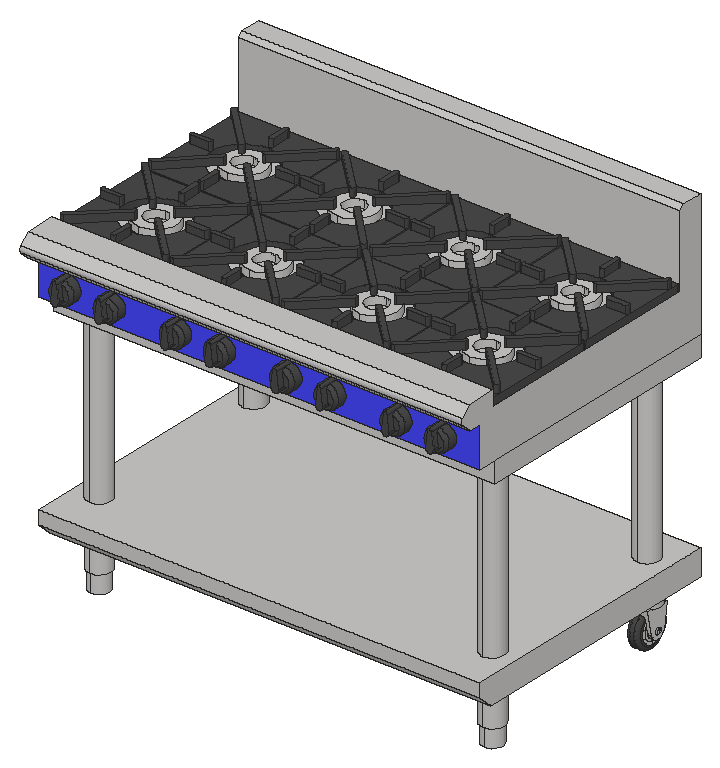
Revit family "QF_MOFFAT_BLUESEAL_CE_G518D-LS", category Specialty Equipment, Revit 2012 (continued)
Definition of nested family "GAS BURNER 1200"
  Lines and regions (mm)
    symbolic lines
      curve 404: spline (1191.102, -463.6, 0) -> (1192.396, -463.818, 0) -> (1193.602, -464.457, 0) -> (1194.638, -465.475, 0) -> (1195.432, -466.8, 0) -> (1195.932, -468.344, 0) -> (1196.102, -470, 0) -> (1195.932, -471.656, 0) -> (1195.432, -473.2, 0) -> (1194.638, -474.525, 0) -> (1193.602, -475.543, 0) -> (1192.396, -476.182, 0) -> (1191.102, -476.4, 0)
      curve 405: line (1191.102, -476.4, 0) -> (1141.898, -476.4, 0)
      curve 406: spline (1141.898, -476.4, 0) -> (1140.604, -476.182, 0) -> (1139.398, -475.543, 0) -> (1138.362, -474.525, 0) -> (1137.568, -473.2, 0) -> (1137.068, -471.656, 0) -> (1136.898, -470, 0) -> (1137.068, -468.344, 0) -> (1137.568, -466.8, 0) -> (1138.362, -465.475, 0) -> (1139.398, -464.457, 0) -> (1140.604, -463.818, 0) -> (1141.898, -463.6, 0)
      curve 407: line (1085.975, -496.924, 0) -> (1193.898, -603.347, 0)
      curve 408: spline (1193.898, -603.347, 0) -> (1194.659, -604.416, 0) -> (1195.059, -605.721, 0) -> (1195.072, -607.172, 0) -> (1194.697, -608.671, 0) -> (1193.959, -610.116, 0) -> (1192.908, -611.408, 0) -> (1191.616, -612.459, 0) -> (1190.171, -613.197, 0) -> (1188.672, -613.572, 0) -> (1187.221, -613.559, 0) -> (1185.916, -613.159, 0) -> (1184.847, -612.398, 0)
      curve 409: line (1184.847, -612.398, 0) -> (1076.924, -505.975, 0)
      curve 410: spline (1076.924, -505.975, 0) -> (1076.163, -504.905, 0) -> (1075.762, -503.601, 0) -> (1075.749, -502.149, 0) -> (1076.125, -500.65, 0) -> (1076.863, -499.205, 0) -> (1077.914, -497.914, 0) -> (1079.205, -496.863, 0) -> (1080.65, -496.125, 0) -> (1082.149, -495.749, 0) -> (1083.601, -495.762, 0) -> (1084.905, -496.163, 0) -> (1085.975, -496.924, 0)
      curve 411: line (1043.6, -609.602, 0) -> (1043.6, -561.898, 0)
      curve 412: spline (1043.6, -561.898, 0) -> (1043.818, -560.604, 0) -> (1044.457, -559.398, 0) -> (1045.475, -558.362, 0) -> (1046.8, -557.568, 0) -> (1048.344, -557.068, 0) -> (1050, -556.898, 0) -> (1051.656, -557.068, 0) -> (1053.2, -557.568, 0) -> (1054.525, -558.362, 0) -> (1055.543, -559.398, 0) -> (1056.182, -560.604, 0) -> (1056.4, -561.898, 0)
      curve 413: line (1056.4, -561.898, 0) -> (1056.4, -609.602, 0)
      curve 414: spline (1056.4, -609.602, 0) -> (1056.182, -610.896, 0) -> (1055.543, -612.102, 0) -> (1054.525, -613.138, 0) -> (1053.2, -613.932, 0) -> (1051.656, -614.432, 0) -> (1050, -614.602, 0) -> (1048.344, -614.432, 0) -> (1046.8, -613.932, 0) -> (1045.475, -613.138, 0) -> (1044.457, -612.102, 0) -> (1043.818, -610.896, 0) -> (1043.6, -609.602, 0)
      curve 415: line (1023.076, -505.975, 0) -> (915.153, -612.398, 0)
      curve 416: spline (915.153, -612.398, 0) -> (914.084, -613.159, 0) -> (912.779, -613.559, 0) -> (911.328, -613.572, 0) -> (909.829, -613.197, 0) -> (908.384, -612.459, 0) -> (907.092, -611.408, 0) -> (906.041, -610.116, 0) -> (905.303, -608.671, 0) -> (904.928, -607.172, 0) -> (904.941, -605.721, 0) -> (905.341, -604.416, 0) -> (906.102, -603.347, 0)
      curve 417: line (906.102, -603.347, 0) -> (1014.025, -496.924, 0)
      curve 418: spline (1014.025, -496.924, 0) -> (1015.095, -496.163, 0) -> (1016.399, -495.762, 0) -> (1017.851, -495.749, 0) -> (1019.35, -496.125, 0) -> (1020.795, -496.863, 0) -> (1022.086, -497.914, 0) -> (1023.137, -499.205, 0) -> (1023.875, -500.65, 0) -> (1024.251, -502.149, 0) -> (1024.238, -503.601, 0) -> (1023.837, -504.905, 0) -> (1023.076, -505.975, 0)
      curve 419: arc (1050.009, -384.418, 0) -> (1020.313, -389.836, 0) -> (994.444, -405.393, 0) r 84.082
      curve 420: arc (1050.009, -552.582, 0) -> (1078.827, -547.489, 0) -> (1104.155, -532.827, 0) r 84.082
      curve 421: arc (1050, -523.5, 0) -> (1032.334, -520.693, 0) -> (1016.408, -512.55, 0) r 57
      curve 422: arc (1050, -409.5, 0) -> (1069.986, -413.119, 0) -> (1087.434, -423.515, 0) r 57
      curve 423: arc (1050, -436.5, 0) -> (1020, -466.5, 0) -> (1050, -496.5, 0) r 30
      curve 424: arc (1050, -496.5, 0) -> (1080, -466.5, 0) -> (1050, -436.5, 0) r 30
      curve 425: line (908.898, -463.6, 0) -> (958.102, -463.6, 0)
      curve 426: spline (958.102, -463.6, 0) -> (959.396, -463.818, 0) -> (960.602, -464.457, 0) -> (961.638, -465.475, 0) -> (962.432, -466.8, 0) -> (962.932, -468.344, 0) -> (963.102, -470, 0) -> (962.932, -471.656, 0) -> (962.432, -473.2, 0) -> (961.638, -474.525, 0) -> (960.602, -475.543, 0) -> (959.396, -476.182, 0) -> (958.102, -476.4, 0)
      curve 427: line (958.102, -476.4, 0) -> (908.898, -476.4, 0)
      curve 428: spline (908.898, -476.4, 0) -> (907.604, -476.182, 0) -> (906.398, -475.543, 0) -> (905.362, -474.525, 0) -> (904.568, -473.2, 0) -> (904.068, -471.656, 0) -> (903.898, -470, 0) -> (904.068, -468.344, 0) -> (904.568, -466.8, 0) -> (905.362, -465.475, 0) -> (906.398, -464.457, 0) -> (907.604, -463.818, 0) -> (908.898, -463.6, 0)
      curve 429: spline (891.102, -463.6, 0) -> (892.396, -463.818, 0) -> (893.602, -464.457, 0) -> (894.638, -465.475, 0) -> (895.432, -466.8, 0) -> (895.932, -468.344, 0) -> (896.102, -470, 0) -> (895.932, -471.656, 0) -> (895.432, -473.2, 0) -> (894.638, -474.525, 0) -> (893.602, -475.543, 0) -> (892.396, -476.182, 0) -> (891.102, -476.4, 0)
      curve 430: arc (1103.676, -103.773, 0) -> (1078.534, -89.404, 0) -> (1050.009, -84.418, 0) r 84.082
      curve 431: arc (987.129, -112.68, 0) -> (965.934, -167.408, 0) -> (985.7, -222.668, 0) r 84.082
      curve 432: arc (1005.546, -202.178, 0) -> (993, -166.598, 0) -> (1005.424, -130.975, 0) r 57
      curve 433: arc (1085.372, -211.197, 0) -> (1068.725, -220.336, 0) -> (1050, -223.5, 0) r 57
      curve 434: arc (1094.576, -130.975, 0) -> (1107, -166.598, 0) -> (1094.454, -202.178, 0) r 57
      curve 435: arc (1012.566, -423.515, 0) -> (1030.014, -413.119, 0) -> (1050, -409.5, 0) r 57
      curve 436: arc (1096.089, -432.962, 0) -> (1106.947, -468.956, 0) -> (1093.031, -503.881, 0) r 57
      curve 437: arc (1090.268, -506.842, 0) -> (1089.386, -507.704, 0) -> (1088.484, -508.547, 0) r 57
      curve 438: arc (1006.969, -503.881, 0) -> (993.053, -468.956, 0) -> (1003.911, -432.962, 0) r 57
      curve 439: arc (985.509, -414.56, 0) -> (965.932, -469.429, 0) -> (986.717, -523.853, 0) r 84.082
      curve 440: arc (1105.564, -405.385, 0) -> (1079.699, -389.834, 0) -> (1050.009, -384.418, 0) r 84.082
      curve 441: arc (1113.293, -523.862, 0) -> (1134.086, -469.429, 0) -> (1114.501, -414.55, 0) r 84.082
      curve 442: arc (1083.592, -512.55, 0) -> (1067.666, -520.693, 0) -> (1050, -523.5, 0) r 57
      curve 443: arc (995.853, -532.819, 0) -> (1021.184, -547.487, 0) -> (1050.009, -552.582, 0) r 84.082
      curve 444: arc (1014.475, -121.924, 0) -> (1031.183, -112.696, 0) -> (1050, -109.5, 0) r 57
      curve 445: arc (994.669, -231.803, 0) -> (1020.453, -247.216, 0) -> (1050.009, -252.582, 0) r 84.082
      curve 446: arc (1114.31, -222.678, 0) -> (1134.084, -167.408, 0) -> (1112.881, -112.67, 0) r 84.082
  Dimensions and locks
    equal spacing: plane 3 "LEFT", plane 7 "Center Y", plane 4 "RIGHT"
    "Width": plane 3 "LEFT" to plane 4 "RIGHT"
    equal spacing: plane 5 "FRONT", plane 8 "Center X", plane 1 "BACK"
    "Depth": plane 5 "FRONT" to plane 1 "BACK"
    aligned and locked: level to plane 2
  Automatic sketch dimensions
    curve 29 to curve 30 = 0 mm  (x2)
    curve 29 to curve 33 = 0 mm  (x2)
    curve 29 to curve 34 = 0 mm  (x2)
    curve 29 to curve 189 = 0 mm  (x2)
    curve 29 to curve 190 = 0 mm  (x2)
    curve 29 to curve 191 = 0 mm  (x2)
    curve 29 to curve 192 = 0 mm  (x2)
    curve 30 to curve 33 = 0 mm  (x2)
    curve 30 to curve 34 = 0 mm  (x2)
    curve 30 to curve 189 = 0 mm  (x2)
    curve 30 to curve 190 = 0 mm  (x2)
    curve 30 to curve 191 = 0 mm  (x2)
    curve 30 to curve 192 = 0 mm  (x2)
    curve 31 to curve 32 = 0 mm  (x2)
    curve 31 to curve 212 = 0 mm  (x2)
    curve 31 to curve 213 = 0 mm  (x2)
    curve 31 to curve 214 = 0 mm  (x2)
    curve 31 to curve 215 = 0 mm  (x2)
    curve 32 to curve 212 = 0 mm  (x2)
    curve 32 to curve 213 = 0 mm  (x2)
    curve 32 to curve 214 = 0 mm  (x2)
    curve 32 to curve 215 = 0 mm  (x2)
    curve 33 to curve 34 = 0 mm  (x2)
    curve 33 to curve 189 = 0 mm  (x2)
    curve 33 to curve 190 = 0 mm  (x2)
    curve 33 to curve 191 = 0 mm  (x2)
    curve 33 to curve 192 = 0 mm  (x2)
    curve 34 to curve 189 = 0 mm  (x2)
    curve 34 to curve 190 = 0 mm  (x2)
    curve 34 to curve 191 = 0 mm  (x2)
    curve 34 to curve 192 = 0 mm  (x2)
    curve 35 to curve 36 = 0 mm  (x2)
    curve 35 to curve 103 = 0 mm  (x2)
    curve 35 to curve 104 = 0 mm  (x2)
    curve 35 to curve 187 = 0 mm  (x2)
    curve 35 to curve 188 = 0 mm  (x2)
    curve 35 to curve 193 = 0 mm  (x2)
    curve 35 to curve 211 = 0 mm  (x2)
    curve 36 to curve 103 = 0 mm  (x2)
    curve 36 to curve 104 = 0 mm  (x2)
    curve 36 to curve 187 = 0 mm  (x2)
    curve 36 to curve 188 = 0 mm  (x2)
    curve 36 to curve 193 = 0 mm  (x2)
    curve 36 to curve 211 = 0 mm  (x2)
    curve 37 to curve 38 = 0 mm  (x2)
    curve 37 to curve 185 = 0 mm  (x2)
    curve 37 to curve 186 = 0 mm  (x2)
    curve 37 to curve 216 = 0 mm  (x2)
    curve 37 to curve 217 = 0 mm  (x2)
    curve 38 to curve 185 = 0 mm  (x2)
    curve 38 to curve 186 = 0 mm  (x2)
    curve 38 to curve 216 = 0 mm  (x2)
    curve 38 to curve 217 = 0 mm  (x2)
    curve 103 to curve 104 = 0 mm  (x2)
    curve 103 to curve 187 = 0 mm  (x2)
    curve 103 to curve 188 = 0 mm  (x2)
    curve 103 to curve 193 = 0 mm  (x2)
    curve 103 to curve 211 = 0 mm  (x2)
    curve 104 to curve 187 = 0 mm  (x2)
    curve 104 to curve 188 = 0 mm  (x2)
    curve 104 to curve 193 = 0 mm  (x2)
    curve 104 to curve 211 = 0 mm  (x2)
    curve 137 to curve 138 = 0 mm  (x2)
    curve 137 to curve 204 = 0 mm  (x2)
    curve 137 to curve 205 = 0 mm  (x2)
    curve 137 to curve 206 = 0 mm  (x2)
    curve 137 to curve 208 = 0 mm  (x2)
    curve 138 to curve 204 = 0 mm  (x2)
    curve 138 to curve 205 = 0 mm  (x2)
    curve 138 to curve 206 = 0 mm  (x2)
    curve 138 to curve 208 = 0 mm  (x2)
    curve 139 to curve 140 = 0 mm  (x2)
    curve 139 to curve 141 = 0 mm  (x2)
    curve 139 to curve 142 = 0 mm  (x2)
    curve 139 to curve 200 = 0 mm  (x2)
    curve 139 to curve 201 = 0 mm  (x2)
    curve 139 to curve 202 = 0 mm  (x2)
    curve 139 to curve 203 = 0 mm  (x2)
    curve 139 to curve 207 = 0 mm  (x2)
    curve 140 to curve 141 = 0 mm  (x2)
    curve 140 to curve 142 = 0 mm  (x2)
    curve 140 to curve 200 = 0 mm  (x2)
    curve 140 to curve 201 = 0 mm  (x2)
    curve 140 to curve 202 = 0 mm  (x2)
    curve 140 to curve 203 = 0 mm  (x2)
    curve 140 to curve 207 = 0 mm  (x2)
    curve 141 to curve 142 = 0 mm  (x2)
    curve 141 to curve 200 = 0 mm  (x2)
    curve 141 to curve 201 = 0 mm  (x2)
    curve 141 to curve 202 = 0 mm  (x2)
    curve 141 to curve 203 = 0 mm  (x2)
    curve 141 to curve 207 = 0 mm  (x2)
    curve 142 to curve 200 = 0 mm  (x2)
    curve 142 to curve 201 = 0 mm  (x2)
    curve 142 to curve 202 = 0 mm  (x2)
    curve 142 to curve 203 = 0 mm  (x2)
    curve 142 to curve 207 = 0 mm  (x2)
    curve 179 to curve 180 = 0 mm  (x2)
    curve 179 to curve 194 = 0 mm  (x2)
    curve 179 to curve 195 = 0 mm  (x2)
    curve 179 to curve 209 = 0 mm  (x2)
    curve 179 to curve 210 = 0 mm  (x2)
    curve 180 to curve 194 = 0 mm  (x2)
    curve 180 to curve 195 = 0 mm  (x2)
    curve 180 to curve 209 = 0 mm  (x2)
    curve 180 to curve 210 = 0 mm  (x2)
    curve 181 to curve 182 = 0 mm  (x2)
    curve 181 to curve 183 = 0 mm  (x2)
    curve 181 to curve 184 = 0 mm  (x2)
    curve 181 to curve 196 = 0 mm  (x2)
    curve 181 to curve 197 = 0 mm  (x2)
    curve 181 to curve 198 = 0 mm  (x2)
    curve 181 to curve 199 = 0 mm  (x2)
    curve 182 to curve 183 = 0 mm  (x2)
    curve 182 to curve 184 = 0 mm  (x2)
    curve 182 to curve 196 = 0 mm  (x2)
    curve 182 to curve 197 = 0 mm  (x2)
    curve 182 to curve 198 = 0 mm  (x2)
    curve 182 to curve 199 = 0 mm  (x2)
    curve 183 to curve 184 = 0 mm  (x2)
    curve 183 to curve 196 = 0 mm  (x2)
    curve 183 to curve 197 = 0 mm  (x2)
    curve 183 to curve 198 = 0 mm  (x2)
    curve 183 to curve 199 = 0 mm  (x2)
    curve 184 to curve 196 = 0 mm  (x2)
    curve 184 to curve 197 = 0 mm  (x2)
    curve 184 to curve 198 = 0 mm  (x2)
    curve 184 to curve 199 = 0 mm  (x2)
    curve 185 to curve 186 = 0 mm  (x2)
    curve 185 to curve 216 = 0 mm  (x2)
    curve 185 to curve 217 = 0 mm  (x2)
    curve 186 to curve 216 = 0 mm  (x2)
    curve 186 to curve 217 = 0 mm  (x2)
    curve 187 to curve 188 = 0 mm  (x2)
    curve 187 to curve 193 = 0 mm  (x2)
    curve 187 to curve 211 = 0 mm  (x2)
    curve 188 to curve 193 = 0 mm  (x2)
    curve 188 to curve 211 = 0 mm  (x2)
    curve 189 to curve 190 = 0 mm  (x2)
    curve 189 to curve 191 = 0 mm  (x2)
    curve 189 to curve 192 = 0 mm  (x2)
    curve 190 to curve 191 = 0 mm  (x2)
    curve 190 to curve 192 = 0 mm  (x2)
    curve 191 to curve 192 = 0 mm  (x2)
    curve 193 to curve 211 = 0 mm  (x2)
    curve 194 to curve 195 = 0 mm  (x2)
    curve 194 to curve 209 = 0 mm  (x2)
    curve 194 to curve 210 = 0 mm  (x2)
    curve 195 to curve 209 = 0 mm  (x2)
    curve 195 to curve 210 = 0 mm  (x2)
    curve 196 to curve 197 = 0 mm  (x2)
    curve 196 to curve 198 = 0 mm  (x2)
    curve 196 to curve 199 = 0 mm  (x2)
    curve 197 to curve 198 = 0 mm  (x2)
    curve 197 to curve 199 = 0 mm  (x2)
    curve 198 to curve 199 = 0 mm  (x2)
    curve 200 to curve 201 = 0 mm  (x2)
    curve 200 to curve 202 = 0 mm  (x2)
    curve 200 to curve 203 = 0 mm  (x2)
    curve 200 to curve 207 = 0 mm  (x2)
    curve 201 to curve 202 = 0 mm  (x2)
    curve 201 to curve 203 = 0 mm  (x2)
    curve 201 to curve 207 = 0 mm  (x2)
    curve 202 to curve 203 = 0 mm  (x2)
    curve 202 to curve 207 = 0 mm  (x2)
    curve 203 to curve 207 = 0 mm  (x2)
    curve 204 to curve 205 = 0 mm  (x2)
    curve 204 to curve 206 = 0 mm  (x2)
    curve 204 to curve 208 = 0 mm  (x2)
    curve 205 to curve 206 = 0 mm  (x2)
    curve 205 to curve 208 = 0 mm  (x2)
    curve 206 to curve 208 = 0 mm  (x2)
    curve 209 to curve 210 = 0 mm  (x2)
    curve 212 to curve 213 = 0 mm  (x2)
    curve 212 to curve 214 = 0 mm  (x2)
    curve 212 to curve 215 = 0 mm  (x2)
    curve 213 to curve 214 = 0 mm  (x2)
    curve 213 to curve 215 = 0 mm  (x2)
    curve 214 to curve 215 = 0 mm  (x2)
    curve 216 to curve 217 = 0 mm  (x2)
    curve 220 to curve 221 = 0 mm  (x2)
    curve 220 to curve 247 = 0 mm  (x2)
    curve 220 to curve 248 = 0 mm  (x2)
    curve 220 to curve 284 = 0 mm  (x2)
    curve 220 to curve 285 = 0 mm  (x2)
    curve 220 to curve 286 = 0 mm  (x2)
    curve 220 to curve 296 = 0 mm  (x2)
    curve 221 to curve 247 = 0 mm  (x2)
    curve 221 to curve 248 = 0 mm  (x2)
    curve 221 to curve 284 = 0 mm  (x2)
    curve 221 to curve 285 = 0 mm  (x2)
    curve 221 to curve 286 = 0 mm  (x2)
    curve 221 to curve 296 = 0 mm  (x2)
    curve 222 to curve 223 = 0 mm  (x2)
    curve 222 to curve 282 = 0 mm  (x2)
    curve 222 to curve 283 = 0 mm  (x2)
    curve 222 to curve 297 = 0 mm  (x2)
    curve 222 to curve 298 = 0 mm  (x2)
    curve 223 to curve 282 = 0 mm  (x2)
    curve 223 to curve 283 = 0 mm  (x2)
    curve 223 to curve 297 = 0 mm  (x2)
    curve 223 to curve 298 = 0 mm  (x2)
    curve 231 to curve 307 = 0 mm  (x2)
    curve 233 to curve 305 = 0 mm  (x2)
    curve 247 to curve 248 = 0 mm  (x2)
    curve 247 to curve 284 = 0 mm  (x2)
    curve 247 to curve 285 = 0 mm  (x2)
    curve 247 to curve 286 = 0 mm  (x2)
    curve 247 to curve 296 = 0 mm  (x2)
    curve 248 to curve 284 = 0 mm  (x2)
    curve 248 to curve 285 = 0 mm  (x2)
    curve 248 to curve 286 = 0 mm  (x2)
    curve 248 to curve 296 = 0 mm  (x2)
    curve 275 to curve 276 = 0 mm  (x2)
    curve 275 to curve 291 = 0 mm  (x2)
    curve 275 to curve 292 = 0 mm  (x2)
    curve 275 to curve 293 = 0 mm  (x2)
    curve 275 to curve 295 = 0 mm  (x2)
    curve 276 to curve 291 = 0 mm  (x2)
    curve 276 to curve 292 = 0 mm  (x2)
    curve 276 to curve 293 = 0 mm  (x2)
    curve 276 to curve 295 = 0 mm  (x2)
    curve 277 to curve 278 = 0 mm  (x2)
    curve 277 to curve 279 = 0 mm  (x2)
    curve 277 to curve 280 = 0 mm  (x2)
    curve 277 to curve 287 = 0 mm  (x2)
    curve 277 to curve 288 = 0 mm  (x2)
    curve 277 to curve 289 = 0 mm  (x2)
    curve 277 to curve 290 = 0 mm  (x2)
    curve 277 to curve 294 = 0 mm  (x2)
    curve 278 to curve 279 = 0 mm  (x2)
    curve 278 to curve 280 = 0 mm  (x2)
    curve 278 to curve 287 = 0 mm  (x2)
    curve 278 to curve 288 = 0 mm  (x2)
    curve 278 to curve 289 = 0 mm  (x2)
    curve 278 to curve 290 = 0 mm  (x2)
    curve 278 to curve 294 = 0 mm  (x2)
    curve 279 to curve 280 = 0 mm  (x2)
    curve 279 to curve 287 = 0 mm  (x2)
    curve 279 to curve 288 = 0 mm  (x2)
    curve 279 to curve 289 = 0 mm  (x2)
    curve 279 to curve 290 = 0 mm  (x2)
    curve 279 to curve 294 = 0 mm  (x2)
    curve 280 to curve 287 = 0 mm  (x2)
    curve 280 to curve 288 = 0 mm  (x2)
    curve 280 to curve 289 = 0 mm  (x2)
    curve 280 to curve 290 = 0 mm  (x2)
    curve 280 to curve 294 = 0 mm  (x2)
    curve 282 to curve 283 = 0 mm  (x2)
    curve 282 to curve 297 = 0 mm  (x2)
    curve 282 to curve 298 = 0 mm  (x2)
    curve 283 to curve 297 = 0 mm  (x2)
    curve 283 to curve 298 = 0 mm  (x2)
    curve 284 to curve 285 = 0 mm  (x2)
    curve 284 to curve 286 = 0 mm  (x2)
    curve 284 to curve 296 = 0 mm  (x2)
    curve 285 to curve 286 = 0 mm  (x2)
    curve 285 to curve 296 = 0 mm  (x2)
    curve 286 to curve 296 = 0 mm  (x2)
    curve 287 to curve 288 = 0 mm  (x2)
    curve 287 to curve 289 = 0 mm  (x2)
    curve 287 to curve 290 = 0 mm  (x2)
    curve 287 to curve 294 = 0 mm  (x2)
    curve 288 to curve 289 = 0 mm  (x2)
    curve 288 to curve 290 = 0 mm  (x2)
    curve 288 to curve 294 = 0 mm  (x2)
    curve 289 to curve 290 = 0 mm  (x2)
    curve 289 to curve 294 = 0 mm  (x2)
    curve 290 to curve 294 = 0 mm  (x2)
    curve 291 to curve 292 = 0 mm  (x2)
    curve 291 to curve 293 = 0 mm  (x2)
    curve 291 to curve 295 = 0 mm  (x2)
    curve 292 to curve 293 = 0 mm  (x2)
    curve 292 to curve 295 = 0 mm  (x2)
    curve 293 to curve 295 = 0 mm  (x2)
    curve 297 to curve 298 = 0 mm  (x2)
    curve 338 to curve 339 = 0 mm  (x2)
    curve 338 to curve 385 = 0 mm  (x2)
    curve 338 to curve 386 = 0 mm  (x2)
    curve 338 to curve 432 = 0 mm  (x2)
    curve 338 to curve 433 = 0 mm  (x2)
    curve 338 to curve 434 = 0 mm  (x2)
    curve 338 to curve 444 = 0 mm  (x2)
    curve 339 to curve 385 = 0 mm  (x2)
    curve 339 to curve 386 = 0 mm  (x2)
    curve 339 to curve 432 = 0 mm  (x2)
    curve 339 to curve 433 = 0 mm  (x2)
    curve 339 to curve 434 = 0 mm  (x2)
    curve 339 to curve 444 = 0 mm  (x2)
    curve 340 to curve 341 = 0 mm  (x2)
    curve 340 to curve 430 = 0 mm  (x2)
    curve 340 to curve 431 = 0 mm  (x2)
    curve 340 to curve 445 = 0 mm  (x2)
    curve 340 to curve 446 = 0 mm  (x2)
    curve 341 to curve 430 = 0 mm  (x2)
    curve 341 to curve 431 = 0 mm  (x2)
    curve 341 to curve 445 = 0 mm  (x2)
    curve 341 to curve 446 = 0 mm  (x2)
    curve 385 to curve 386 = 0 mm  (x2)
    curve 385 to curve 432 = 0 mm  (x2)
    curve 385 to curve 433 = 0 mm  (x2)
    curve 385 to curve 434 = 0 mm  (x2)
    curve 385 to curve 444 = 0 mm  (x2)
    curve 386 to curve 432 = 0 mm  (x2)
    curve 386 to curve 433 = 0 mm  (x2)
    curve 386 to curve 434 = 0 mm  (x2)
    curve 386 to curve 444 = 0 mm  (x2)
    curve 419 to curve 420 = 0 mm  (x2)
    curve 419 to curve 439 = 0 mm  (x2)
    curve 419 to curve 440 = 0 mm  (x2)
    curve 419 to curve 441 = 0 mm  (x2)
    curve 419 to curve 443 = 0 mm  (x2)
    curve 420 to curve 439 = 0 mm  (x2)
    curve 420 to curve 440 = 0 mm  (x2)
    curve 420 to curve 441 = 0 mm  (x2)
    curve 420 to curve 443 = 0 mm  (x2)
    curve 421 to curve 422 = 0 mm  (x2)
    curve 421 to curve 423 = 0 mm  (x2)
    curve 421 to curve 424 = 0 mm  (x2)
    curve 421 to curve 435 = 0 mm  (x2)
    curve 421 to curve 436 = 0 mm  (x2)
    curve 421 to curve 437 = 0 mm  (x2)
    curve 421 to curve 438 = 0 mm  (x2)
    curve 421 to curve 442 = 0 mm  (x2)
    curve 422 to curve 423 = 0 mm  (x2)
    curve 422 to curve 424 = 0 mm  (x2)
    curve 422 to curve 435 = 0 mm  (x2)
    curve 422 to curve 436 = 0 mm  (x2)
    curve 422 to curve 437 = 0 mm  (x2)
    curve 422 to curve 438 = 0 mm  (x2)
    curve 422 to curve 442 = 0 mm  (x2)
    curve 423 to curve 424 = 0 mm  (x2)
    curve 423 to curve 435 = 0 mm  (x2)
    curve 423 to curve 436 = 0 mm  (x2)
    curve 423 to curve 437 = 0 mm  (x2)
    curve 423 to curve 438 = 0 mm  (x2)
    curve 423 to curve 442 = 0 mm  (x2)
    curve 424 to curve 435 = 0 mm  (x2)
    curve 424 to curve 436 = 0 mm  (x2)
    curve 424 to curve 437 = 0 mm  (x2)
    curve 424 to curve 438 = 0 mm  (x2)
    curve 424 to curve 442 = 0 mm  (x2)
    curve 430 to curve 431 = 0 mm  (x2)
    curve 430 to curve 445 = 0 mm  (x2)
    curve 430 to curve 446 = 0 mm  (x2)
    curve 431 to curve 445 = 0 mm  (x2)
    curve 431 to curve 446 = 0 mm  (x2)
    curve 432 to curve 433 = 0 mm  (x2)
    curve 432 to curve 434 = 0 mm  (x2)
    curve 432 to curve 444 = 0 mm  (x2)
    curve 433 to curve 434 = 0 mm  (x2)
    curve 433 to curve 444 = 0 mm  (x2)
    curve 434 to curve 444 = 0 mm  (x2)
    curve 435 to curve 436 = 0 mm  (x2)
    curve 435 to curve 437 = 0 mm  (x2)
    curve 435 to curve 438 = 0 mm  (x2)
    curve 435 to curve 442 = 0 mm  (x2)
    curve 436 to curve 437 = 0 mm  (x2)
    curve 436 to curve 438 = 0 mm  (x2)
    curve 436 to curve 442 = 0 mm  (x2)
    curve 437 to curve 438 = 0 mm  (x2)
    curve 437 to curve 442 = 0 mm  (x2)
    curve 438 to curve 442 = 0 mm  (x2)
    curve 439 to curve 440 = 0 mm  (x2)
    curve 439 to curve 441 = 0 mm  (x2)
    curve 439 to curve 443 = 0 mm  (x2)
    curve 440 to curve 441 = 0 mm  (x2)
    curve 440 to curve 443 = 0 mm  (x2)
    curve 441 to curve 443 = 0 mm  (x2)
    curve 445 to curve 446 = 0 mm  (x2)
    plane 5 "FRONT" to curve 74 = 0 mm
    plane 1 "BACK" to curve 64 = 0 mm
    plane 5 "FRONT" to curve 82 = 0 mm
    plane 1 "BACK" to curve 56 = 0 mm
    plane 1 "BACK" to curve 322 = 0 mm
    plane 5 "FRONT" to curve 303 = 0 mm
    plane 1 "BACK" to curve 350 = 0 mm
    plane 5 "FRONT" to curve 362 = 0 mm
    plane 3 "LEFT" to curve 64 = 1 mm
    plane 3 "LEFT" to curve 74 = 1 mm
    curve 67 to plane 8 "Center X" = 1 mm
    plane 3 "LEFT" to curve 67 = 4 mm
    curve 72 to curve 66 = 0 mm
    plane 3 "LEFT" to curve 74 = 4 mm
    plane 3 "LEFT" to curve 64 = 4 mm
    plane 3 "LEFT" to curve 118 = 6.102 mm
    plane 3 "LEFT" to curve 102 = 6.102 mm
    plane 3 "LEFT" to curve 125 = 6.102 mm
    plane 3 "LEFT" to curve 94 = 6.102 mm
    plane 3 "LEFT" to curve 122 = 8.898 mm
    plane 3 "LEFT" to curve 95 = 8.898 mm
    curve 94 to curve 94 = 4.525 mm
    curve 102 to curve 102 = 4.525 mm
    curve 125 to curve 126 = 4.525 mm
    curve 118 to curve 118 = 4.525 mm
    curve 121 to curve 121 = 49.204 mm
    curve 97 to curve 96 = 49.204 mm
    curve 124 to curve 206 = 27.397 mm
    curve 96 to curve 217 = 27.588 mm
    curve 123 to curve 206 = 28.605 mm
    curve 97 to curve 217 = 29.017 mm
    curve 206 to curve 205 = 8.937 mm
    curve 217 to curve 38 = 8.97 mm
    curve 206 to curve 138 = 9.138 mm
    curve 217 to curve 185 = 9.204 mm
    curve 206 to curve 201 = 18.412 mm
    curve 217 to curve 193 = 18.305 mm
    curve 217 to curve 193 = 19.856 mm
    curve 206 to curve 201 = 20.262 mm
    curve 201 to curve 202 = 2.762 mm
    curve 202 to curve 202 = 1.784 mm
    curve 201 to curve 140 = 8.655 mm
    curve 193 to curve 92 = 8.479 mm
    curve 193 to curve 100 = 8.601 mm
    curve 201 to curve 119 = 10.114 mm
    curve 201 to curve 128 = 7.056 mm
    curve 193 to curve 36 = 9.051 mm
    curve 193 to curve 188 = 9.081 mm
    curve 202 to curve 207 = 4.893 mm
    curve 92 to curve 92 = 4.525 mm
    curve 120 to curve 120 = 4.525 mm
    curve 128 to curve 128 = 4.525 mm
    curve 100 to curve 100 = 4.525 mm
    curve 110 to plane 8 "Center X" = 11.398 mm
    curve 205 to curve 110 = 49.164 mm
    curve 108 to curve 111 = 0 mm
    plane 1 "BACK" to curve 40 = 25.398 mm
    curve 185 to curve 40 = 47.276 mm
    curve 138 to curve 130 = 47.755 mm
    curve 41 to curve 185 = 6.391 mm
    curve 120 to curve 204 = 31.44 mm
    curve 37 to curve 104 = 0.009 mm
    curve 40 to curve 40 = 6.4 mm
    curve 107 to curve 106 = 6.4 mm
    curve 131 to curve 130 = 6.4 mm
    curve 137 to curve 207 = 0.009 mm
    curve 111 to curve 110 = 6.4 mm
    curve 103 to curve 89 = 26.924 mm
    curve 103 to curve 2 = 26.924 mm
    curve 141 to curve 133 = 26.924 mm
    curve 141 to curve 113 = 26.924 mm
    curve 1 to curve 2 = 4.525 mm
    curve 88 to curve 88 = 4.525 mm
    curve 114 to curve 114 = 4.525 mm
    curve 133 to curve 136 = 4.525 mm
    curve 136 to curve 139 = 6.668 mm
    curve 89 to curve 35 = 8.448 mm
    curve 2 to curve 211 = 8.601 mm
    curve 114 to curve 200 = 10.51 mm
    curve 135 to curve 203 = 7.056 mm
    curve 88 to curve 187 = 8.479 mm
    curve 2 to curve 187 = 8.601 mm
    curve 200 to curve 203 = 8.655 mm
    curve 211 to curve 37 = 18.144 mm
    curve 139 to curve 208 = 20.555 mm
    curve 35 to curve 216 = 19.959 mm
    curve 200 to curve 137 = 18.122 mm
    curve 37 to curve 186 = 9.203 mm
    curve 208 to curve 204 = 9.136 mm
    curve 216 to curve 186 = 8.969 mm
    curve 137 to curve 204 = 8.936 mm
    curve 187 to curve 6 = 47.322 mm
    curve 204 to curve 145 = 28.615 mm
    curve 134 to plane 5 "FRONT" = 22.602 mm
    curve 208 to curve 134 = 80.7 mm
    plane 8 "Center X" to curve 90 = 3.602 mm
    curve 216 to curve 90 = 79.516 mm
    curve 113 to plane 8 "Center X" = 8.602 mm
    curve 113 to curve 90 = 0 mm
    plane 1 "BACK" to curve 4 = 22.602 mm
    curve 37 to curve 4 = 81.178 mm
    curve 1 to curve 4 = 4.525 mm
    curve 133 to curve 134 = 4.525 mm
    curve 5 to curve 8 = 49.204 mm
    curve 145 to curve 146 = 49.204 mm
    curve 71 to plane 8 "Center X" = 4 mm
    curve 116 to curve 71 = 6.628 mm
    curve 4 to curve 63 = 11.153 mm
    curve 67 to curve 71 = 0 mm
    curve 76 to plane 5 "FRONT" = 3 mm
    curve 133 to curve 76 = 11.153 mm
    curve 70 to curve 69 = 3 mm
    curve 69 to curve 57 = 2 mm
    curve 76 to curve 82 = 2 mm
    curve 80 to curve 80 = 3 mm
    curve 58 to plane 8 "Center X" = 1 mm
    curve 58 to curve 79 = 0 mm
    curve 81 to curve 82 = 3 mm
    curve 57 to curve 56 = 3 mm
    plane 1 "BACK" to curve 9 = 31.653 mm
    curve 3 to curve 9 = 12.205 mm
    curve 149 to plane 8 "Center X" = 17.653 mm
    curve 80 to curve 149 = 2.102 mm
    plane 8 "Center X" to curve 47 = 12.653 mm
    curve 58 to curve 47 = 2.102 mm
    curve 134 to curve 170 = 12.205 mm
    curve 7 to curve 44 = 17.796 mm
    curve 146 to curve 174 = 17.796 mm
    curve 170 to curve 170 = 4.525 mm
    curve 47 to curve 48 = 4.525 mm
    curve 9 to curve 12 = 4.525 mm
    curve 148 to curve 148 = 4.525 mm
    curve 44 to curve 43 = 49.204 mm
    curve 174 to curve 172 = 49.204 mm
    curve 173 to curve 210 = 27.407 mm
    curve 46 to curve 215 = 27.598 mm
    curve 46 to curve 215 = 29.027 mm
    curve 171 to curve 210 = 32.533 mm
    curve 210 to curve 209 = 8.936 mm
    curve 215 to curve 32 = 8.969 mm
    curve 215 to curve 212 = 9.203 mm
    curve 210 to curve 198 = 18.402 mm
    curve 215 to curve 189 = 18.296 mm
    curve 215 to curve 189 = 19.847 mm
    curve 180 to curve 198 = 16.335 mm
    curve 198 to curve 182 = 8.655 mm
    curve 189 to curve 50 = 8.479 mm
    curve 198 to curve 168 = 7.056 mm
    curve 189 to curve 9 = 8.601 mm
    curve 198 to curve 150 = 10.114 mm
    curve 189 to curve 30 = 9.051 mm
    curve 189 to curve 192 = 9.081 mm
    curve 198 to curve 197 = 9.439 mm
    curve 9 to curve 10 = 4.525 mm
    curve 50 to curve 50 = 4.525 mm
    curve 169 to curve 168 = 4.525 mm
    curve 149 to curve 150 = 4.525 mm
    curve 168 to curve 168 = 4.525 mm
    plane 1 "BACK" to curve 16 = 25.398 mm
    curve 212 to curve 16 = 47.268 mm
    plane 8 "Center X" to curve 53 = 6.398 mm
    curve 32 to curve 53 = 48.931 mm
    curve 151 to curve 53 = 0 mm
    curve 197 to curve 176 = 27.192 mm
    curve 168 to curve 183 = 26.924 mm
    curve 151 to curve 154 = 6.4 mm
    curve 13 to curve 14 = 6.4 mm
    curve 178 to curve 178 = 6.4 mm
    curve 10 to curve 189 = 31.449 mm
    curve 52 to curve 52 = 6.4 mm
    curve 29 to curve 212 = 0.009 mm
    curve 181 to curve 210 = 0.009 mm
    curve 33 to curve 17 = 26.924 mm
    curve 183 to curve 155 = 26.924 mm
    curve 183 to curve 165 = 26.924 mm
    curve 33 to curve 27 = 26.924 mm
    curve 156 to curve 156 = 4.525 mm
    curve 18 to curve 18 = 4.525 mm
    curve 165 to curve 164 = 4.525 mm
    curve 26 to curve 26 = 4.525 mm
    curve 164 to curve 181 = 6.668 mm
    curve 27 to curve 29 = 8.448 mm
    curve 17 to curve 190 = 8.601 mm
    curve 156 to curve 199 = 10.51 mm
    curve 164 to curve 196 = 7.056 mm
    curve 26 to curve 191 = 8.479 mm
    curve 18 to curve 191 = 8.601 mm
    curve 199 to curve 196 = 8.655 mm
    curve 190 to curve 31 = 18.152 mm
    curve 181 to curve 195 = 20.563 mm
    curve 29 to curve 214 = 19.967 mm
    curve 199 to curve 179 = 18.13 mm
    curve 31 to curve 213 = 9.204 mm
    curve 195 to curve 194 = 9.138 mm
    curve 214 to curve 213 = 8.97 mm
    curve 179 to curve 194 = 8.937 mm
    curve 194 to curve 160 = 28.605 mm
    curve 191 to curve 22 = 47.322 mm
    curve 158 to plane 8 "Center X" = 8.602 mm
    curve 179 to curve 158 = 79.283 mm
    curve 166 to plane 7 "Center Y" = 15.153 mm
    curve 17 to plane 7 "Center Y" = 15.153 mm
    plane 8 "Center X" to curve 27 = 3.602 mm
    curve 27 to curve 158 = 0 mm
    curve 155 to curve 158 = 4.525 mm
    curve 28 to curve 28 = 4.525 mm
    curve 166 to curve 166 = 4.525 mm
    curve 21 to plane 7 "Center Y" = 8.898 mm
    curve 161 to plane 7 "Center Y" = 8.898 mm
    curve 62 to plane 7 "Center Y" = 4 mm
    curve 79 to plane 7 "Center Y" = 4 mm
    curve 83 to plane 7 "Center Y" = 4 mm
    curve 60 to curve 86 = 0 mm
    curve 61 to plane 7 "Center Y" = 1 mm
    curve 84 to plane 7 "Center Y" = 1 mm
    plane 7 "Center Y" to curve 309 = 2 mm
    plane 7 "Center Y" to curve 320 = 2 mm
    curve 321 to curve 322 = 3 mm
    curve 320 to plane 8 "Center X" = 1 mm
    curve 320 to curve 320 = 3 mm
    curve 302 to curve 303 = 3 mm
    curve 308 to curve 319 = 0 mm
    plane 7 "Center Y" to curve 317 = 7.102 mm
    plane 7 "Center Y" to curve 301 = 7.102 mm
    plane 7 "Center Y" to curve 328 = 7.102 mm
    plane 7 "Center Y" to curve 315 = 7.102 mm
    plane 7 "Center Y" to curve 312 = 9.898 mm
    plane 7 "Center Y" to curve 325 = 9.898 mm
    curve 318 to curve 317 = 4.525 mm
    curve 315 to curve 315 = 4.525 mm
    curve 300 to curve 301 = 4.525 mm
    curve 326 to curve 328 = 4.525 mm
    curve 323 to curve 219 = 49.204 mm
    curve 312 to curve 281 = 49.204 mm
    curve 311 to curve 291 = 27.407 mm
    curve 219 to curve 283 = 27.598 mm
    curve 281 to curve 291 = 28.615 mm
    curve 219 to curve 283 = 29.027 mm
    curve 291 to curve 275 = 8.936 mm
    curve 283 to curve 297 = 8.969 mm
    curve 291 to curve 295 = 9.136 mm
    curve 283 to curve 222 = 9.203 mm
    curve 291 to curve 290 = 18.402 mm
    curve 283 to curve 284 = 18.296 mm
    curve 283 to curve 284 = 19.847 mm
    curve 291 to curve 290 = 20.253 mm
    curve 290 to curve 287 = 8.655 mm
    curve 284 to curve 234 = 8.479 mm
    curve 290 to curve 257 = 10.114 mm
    curve 290 to curve 300 = 7.056 mm
    curve 284 to curve 326 = 8.601 mm
    curve 284 to curve 296 = 9.051 mm
    curve 284 to curve 220 = 9.081 mm
    curve 290 to curve 277 = 9.439 mm
    curve 313 to curve 257 = 4.525 mm
    curve 274 to curve 274 = 4.525 mm
    curve 318 to curve 234 = 4.525 mm
    curve 326 to curve 218 = 4.525 mm
    curve 295 to curve 271 = 47.747 mm
    curve 253 to plane 8 "Center X" = 11.398 mm
    curve 275 to curve 253 = 49.156 mm
    curve 249 to curve 254 = 0 mm
    curve 222 to curve 227 = 47.268 mm
    curve 234 to curve 296 = 31.449 mm
    curve 224 to curve 225 = 6.4 mm
    curve 249 to curve 250 = 6.4 mm
    curve 274 to curve 294 = 26.924 mm
    curve 256 to curve 256 = 6.4 mm
    curve 273 to curve 273 = 6.4 mm
    curve 220 to curve 282 = 0.009 mm
    curve 277 to curve 291 = 0.009 mm
    curve 279 to curve 261 = 26.924 mm
    curve 280 to curve 268 = 26.924 mm
    curve 247 to curve 245 = 26.924 mm
    curve 248 to curve 235 = 26.924 mm
    curve 244 to curve 244 = 4.525 mm
    curve 261 to curve 261 = 4.525 mm
    curve 236 to curve 236 = 4.525 mm
    curve 268 to curve 269 = 4.525 mm
    curve 268 to curve 294 = 6.668 mm
    curve 236 to curve 285 = 8.448 mm
    curve 245 to curve 221 = 8.601 mm
    curve 261 to curve 278 = 10.51 mm
    curve 294 to curve 289 = 4.893 mm
    curve 289 to curve 289 = 1.784 mm
    curve 289 to curve 288 = 2.762 mm
    curve 236 to curve 286 = 8.479 mm
    curve 244 to curve 286 = 8.601 mm
    curve 278 to curve 288 = 8.655 mm
    curve 221 to curve 282 = 18.152 mm
    curve 294 to curve 276 = 20.563 mm
    curve 285 to curve 223 = 19.967 mm
    curve 278 to curve 292 = 18.13 mm
    curve 282 to curve 298 = 9.204 mm
    curve 276 to curve 293 = 9.138 mm
    curve 223 to curve 298 = 8.97 mm
    curve 292 to curve 293 = 8.937 mm
    curve 288 to curve 265 = 45.809 mm
    curve 286 to curve 240 = 47.322 mm
    plane 1 "BACK" to curve 245 = 22.602 mm
    curve 282 to curve 245 = 81.17 mm
    curve 258 to plane 8 "Center X" = 8.602 mm
    curve 292 to curve 258 = 79.283 mm
    curve 267 to plane 5 "FRONT" = 22.602 mm
    curve 276 to curve 267 = 80.692 mm
    plane 8 "Center X" to curve 235 = 3.602 mm
    curve 235 to curve 259 = 0 mm
    curve 238 to curve 238 = 4.525 mm
    curve 258 to curve 259 = 4.525 mm
    curve 265 to curve 429 = 48.204 mm
    curve 240 to curve 346 = 48.204 mm
    curve 346 to curve 241 = 1 mm
    curve 429 to curve 264 = 1 mm
    curve 368 to plane 5 "FRONT" = 3 mm
    curve 268 to curve 368 = 10.153 mm
    curve 366 to curve 366 = 3 mm
    plane 1 "BACK" to curve 347 = 3 mm
    curve 246 to curve 347 = 10.153 mm
    curve 349 to curve 366 = 0 mm
    curve 368 to curve 233 = 1 mm
    curve 347 to curve 228 = 1 mm  (x2)
    curve 349 to curve 319 = 1 mm
    curve 366 to curve 231 = 1 mm
    curve 367 to curve 307 = 1 mm
    curve 231 to curve 365 = 1 mm
    curve 228 to curve 357 = 1 mm
    curve 356 to curve 350 = 3 mm
    curve 363 to curve 362 = 3 mm
    curve 355 to curve 355 = 3 mm
    curve 358 to curve 354 = 0 mm
    curve 417 to plane 5 "FRONT" = 31.653 mm
    curve 267 to curve 417 = 11.205 mm
    plane 1 "BACK" to curve 332 = 31.653 mm
    curve 246 to curve 332 = 11.205 mm
    plane 8 "Center X" to curve 369 = 12.653 mm
    curve 355 to curve 369 = 2.102 mm
    curve 365 to curve 398 = 2.102 mm
    curve 242 to curve 337 = 16.796 mm
    curve 263 to curve 428 = 16.796 mm
    curve 372 to curve 372 = 4.525 mm
    curve 332 to curve 333 = 4.525 mm
    curve 398 to curve 398 = 4.525 mm
    curve 417 to curve 416 = 4.525 mm
    curve 337 to curve 335 = 49.204 mm
    curve 428 to curve 427 = 49.204 mm
    curve 426 to curve 439 = 27.407 mm
    curve 335 to curve 431 = 27.598 mm
    curve 427 to curve 439 = 28.615 mm
    curve 335 to curve 431 = 29.027 mm
    curve 439 to curve 419 = 8.936 mm
    curve 431 to curve 445 = 8.969 mm
    curve 439 to curve 443 = 9.136 mm
    curve 431 to curve 340 = 9.203 mm
    curve 439 to curve 438 = 18.402 mm
    curve 431 to curve 432 = 18.296 mm
    curve 431 to curve 432 = 19.847 mm
    curve 439 to curve 438 = 20.253 mm
    curve 438 to curve 435 = 8.655 mm
    curve 432 to curve 331 = 8.601 mm
    curve 438 to curve 417 = 7.056 mm
    curve 438 to curve 397 = 10.114 mm
    curve 432 to curve 369 = 8.479 mm
    curve 432 to curve 444 = 9.051 mm
    curve 432 to curve 338 = 9.081 mm
    curve 438 to curve 421 = 9.439 mm
    curve 418 to curve 418 = 4.525 mm
    curve 370 to curve 370 = 4.525 mm
    curve 331 to curve 331 = 4.525 mm
    curve 397 to curve 396 = 4.525 mm
    curve 443 to curve 411 = 47.747 mm
    curve 392 to plane 8 "Center X" = 11.398 mm
    curve 419 to curve 392 = 49.156 mm
    curve 390 to curve 392 = 0 mm
    curve 340 to curve 342 = 47.268 mm
    curve 371 to curve 338 = 26.924 mm
    curve 342 to curve 345 = 6.4 mm
    curve 396 to curve 424 = 26.924 mm
    curve 387 to curve 388 = 6.4 mm
    curve 411 to curve 414 = 6.4 mm
    curve 391 to curve 392 = 6.4 mm
    curve 338 to curve 340 = 0.009 mm
    curve 421 to curve 439 = 0.009 mm
    curve 386 to curve 374 = 26.924 mm
    curve 424 to curve 410 = 26.924 mm
    curve 424 to curve 399 = 26.924 mm
    curve 386 to curve 382 = 26.924 mm
    curve 402 to curve 402 = 4.525 mm
    curve 382 to curve 382 = 4.525 mm
    curve 374 to curve 374 = 4.525 mm
    curve 409 to curve 410 = 4.525 mm
    curve 409 to curve 442 = 6.668 mm
    curve 374 to curve 433 = 8.448 mm
    curve 382 to curve 339 = 8.601 mm
    curve 399 to curve 422 = 10.51 mm
    curve 442 to curve 437 = 4.893 mm
    curve 437 to curve 437 = 1.784 mm
    curve 437 to curve 436 = 2.762 mm
    curve 374 to curve 434 = 8.479 mm
    curve 382 to curve 434 = 8.601 mm
    curve 422 to curve 436 = 8.655 mm
    curve 339 to curve 430 = 18.152 mm
    curve 442 to curve 420 = 20.563 mm
    curve 433 to curve 341 = 19.967 mm
    curve 422 to curve 440 = 18.13 mm
    curve 430 to curve 446 = 9.204 mm
    curve 420 to curve 441 = 9.138 mm
    curve 341 to curve 446 = 8.97 mm
    curve 440 to curve 441 = 8.937 mm
    curve 441 to curve 405 = 28.605 mm
    curve 434 to curve 379 = 47.322 mm
    plane 4 "RIGHT" to curve 384 = 15.153 mm
    plane 4 "RIGHT" to curve 409 = 15.153 mm
    plane 8 "Center X" to curve 376 = 3.602 mm
    curve 341 to curve 376 = 79.508 mm
    curve 400 to plane 8 "Center X" = 8.602 mm
    curve 400 to curve 373 = 0 mm
    curve 384 to curve 384 = 4.525 mm
    curve 408 to curve 408 = 4.525 mm
    plane 4 "RIGHT" to curve 379 = 8.898 mm
    plane 4 "RIGHT" to curve 403 = 8.898 mm
    plane 4 "RIGHT" to curve 359 = 4 mm
    plane 4 "RIGHT" to curve 361 = 4 mm
    plane 4 "RIGHT" to curve 350 = 4 mm
    curve 354 to plane 8 "Center X" = 1 mm
    curve 354 to curve 359 = 0 mm
    plane 4 "RIGHT" to curve 352 = 1 mm
    plane 4 "RIGHT" to curve 360 = 1 mm
    curve 361 to curve 409 = 19.602 mm
    curve 303 to curve 301 = 19.602 mm
    curve 84 to curve 165 = 19.602 mm
    curve 74 to curve 127 = 19.602 mm
    curve 414 to plane 5 "FRONT" = 25.398 mm
    curve 175 to plane 5 "FRONT" = 25.398 mm
    curve 270 to plane 5 "FRONT" = 25.398 mm
    curve 129 to plane 5 "FRONT" = 25.398 mm
    curve 412 to curve 420 = 9.316 mm
    curve 129 to curve 208 = 9.316 mm
    curve 176 to curve 195 = 9.316 mm
    curve 270 to curve 295 = 9.316 mm
    curve 442 to curve 437 = 4.003 mm
    curve 294 to curve 289 = 4.003 mm
    curve 207 to curve 202 = 4.003 mm
    curve 181 to curve 184 = 27 mm
    curve 277 to curve 280 = 27 mm
    curve 421 to curve 424 = 27 mm
    curve 139 to curve 141 = 27 mm
    curve 204 to curve 144 = 47.453 mm
    curve 198 to curve 172 = 27.481 mm
    curve 293 to curve 263 = 47.462 mm
    curve 441 to curve 406 = 47.462 mm
    curve 291 to curve 312 = 47.453 mm
    curve 263 to curve 427 = 0 mm
    curve 206 to curve 124 = 47.462 mm
    curve 194 to curve 160 = 47.462 mm
    curve 144 to curve 144 = 6.4 mm
    curve 263 to curve 263 = 6.4 mm
    curve 405 to curve 406 = 6.4 mm
    curve 426 to curve 426 = 6.4 mm
    curve 171 to curve 174 = 6.4 mm
    curve 310 to curve 312 = 6.4 mm
    curve 161 to curve 162 = 6.4 mm
    curve 122 to curve 122 = 6.4 mm
    curve 209 to curve 152 = 6.316 mm
    curve 275 to curve 255 = 6.316 mm
    curve 419 to curve 391 = 6.316 mm
    curve 137 to curve 109 = 6.316 mm
    curve 151 to plane 8 "Center X" = 11.398 mm
    curve 359 to curve 353 = 6 mm
    curve 77 to curve 80 = 0 mm
    curve 231 to curve 365 = 0 mm
    curve 66 to curve 91 = 1.602 mm
    plane 8 "Center X" to curve 108 = 6.398 mm
    plane 8 "Center X" to curve 387 = 6.398 mm
    plane 8 "Center X" to curve 249 = 6.398 mm
    curve 316 to curve 317 = 4.525 mm  (x2)
    curve 320 to curve 317 = 10.653 mm
    curve 250 to curve 297 = 9.316 mm
    curve 388 to curve 445 = 9.316 mm
    curve 52 to curve 214 = 9.316 mm
    curve 105 to curve 216 = 9.316 mm
    curve 29 to curve 33 = 27 mm
    curve 220 to curve 247 = 27 mm
    curve 35 to curve 103 = 27 mm
    curve 338 to curve 385 = 27 mm
    curve 298 to curve 242 = 49.778 mm
    curve 187 to curve 6 = 29.278 mm
    curve 217 to curve 98 = 49.778 mm
    curve 283 to curve 325 = 49.768 mm
    curve 432 to curve 335 = 29.278 mm
    curve 189 to curve 46 = 29.278 mm
    curve 24 to curve 323 = 0 mm
    curve 446 to curve 377 = 49.778 mm
    curve 377 to curve 378 = 6.4 mm
    curve 7 to curve 8 = 6.4 mm
    curve 335 to curve 335 = 6.4 mm
    curve 239 to curve 242 = 6.4 mm
    curve 95 to curve 98 = 6.4 mm
    curve 323 to curve 325 = 6.4 mm
    curve 24 to curve 24 = 6.4 mm
    curve 45 to curve 44 = 6.4 mm
    curve 340 to curve 344 = 9.816 mm
    curve 31 to curve 14 = 9.816 mm
    curve 37 to curve 39 = 9.816 mm
    curve 222 to curve 227 = 9.816 mm
    plane 1 "BACK" to curve 224 = 25.398 mm
    plane 1 "BACK" to curve 343 = 25.398 mm
    plane 1 "BACK" to Extrusion 1 sketch curve = 0 mm
    plane 5 "FRONT" to Extrusion 1 sketch curve = 0 mm
    plane 3 "LEFT" to Extrusion 1 sketch curve = 1 mm  (x2)
    plane 1 "BACK" to Extrusion 1 sketch curve = 3 mm  (x2)
    plane 8 "Center X" to Extrusion 1 sketch curve = 149 mm
    plane 8 "Center X" to Extrusion 1 sketch curve = 2 mm  (x2)
    Extrusion 1 sketch curve to plane 8 "Center X" = 1 mm
    Extrusion 1 sketch curve to Extrusion 1 sketch curve = 3 mm  (x3)
    Extrusion 1 sketch curve to plane 8 "Center X" = 151 mm
    Extrusion 1 sketch curve to plane 5 "FRONT" = 3 mm  (x2)
    plane 3 "LEFT" to Extrusion 1 sketch curve = 149.991 mm  (x2)
    Extrusion 1 sketch curve to Extrusion 1 sketch curve = 146.009 mm
    Extrusion 1 sketch curve to Extrusion 1 sketch curve = 0 mm
    Extrusion 2 sketch curve to Extrusion 1 = 22.602 mm  (x2)
    Extrusion 2 sketch curve to Extrusion 1 = 25.398 mm  (x2)
    Extrusion 2 sketch curve to Extrusion 2 sketch curve = 4.525 mm  (x16)
    Extrusion 2 sketch curve to Extrusion 2 sketch curve = 49.204 mm  (x5)
    Extrusion 2 sketch curve to Extrusion 2 sketch curve = 55.923 mm  (x5)
    Extrusion 2 sketch curve to Extrusion 2 sketch curve = 0 mm  (x5)
    Extrusion 2 sketch curve to Extrusion 2 sketch curve = 20.524 mm  (x8)
    Extrusion 2 sketch curve to Extrusion 2 sketch curve = 6.4 mm  (x8)
    Extrusion 2 sketch curve to Extrusion 2 sketch curve = 53.847 mm  (x8)
    Extrusion 2 sketch curve to Extrusion 1 = 56.602 mm
    Extrusion 2 sketch curve to Extrusion 1 = 5.102 mm  (x6)
    Extrusion 2 sketch curve to Extrusion 1 = 13.653 mm  (x2)
    Extrusion 2 sketch curve to Extrusion 1 = 7.398 mm  (x2)
    Extrusion 2 sketch curve to Extrusion 1 = 4.602 mm  (x2)
    Extrusion 2 sketch curve to Extrusion 1 = 7.898 mm  (x4)
    Extrusion 2 sketch curve to Extrusion 1 = 31.653 mm  (x2)
    Extrusion 2 sketch curve to Extrusion 1 = 57.102 mm
    Extrusion 2 sketch curve to Extrusion 1 = 14.153 mm
    Extrusion 3 sketch curve to Extrusion 3 sketch curve = 0 mm  (x24)
    plane 1 "BACK" to Extrusion 3 sketch curve = 109.5 mm
    Extrusion 3 sketch curve to Extrusion 3 sketch curve = 27 mm  (x2)
    Extrusion 3 sketch curve to Extrusion 3 sketch curve = 30 mm  (x2)
    Extrusion 3 sketch curve to plane 8 "Center X" = 92 mm
    plane 3 "LEFT" to Extrusion 3 sketch curve = 150 mm  (x2)
    plane 1 "BACK" to Extrusion 4 sketch curve = 0 mm
    plane 5 "FRONT" to Extrusion 4 sketch curve = 0 mm
    Extrusion 4 sketch curve to plane 7 "Center Y" = 1 mm  (x2)
    plane 1 "BACK" to Extrusion 4 sketch curve = 3 mm  (x2)
    plane 8 "Center X" to Extrusion 4 sketch curve = 149 mm
    plane 8 "Center X" to Extrusion 4 sketch curve = 2 mm  (x2)
    Extrusion 4 sketch curve to plane 8 "Center X" = 1 mm
    Extrusion 4 sketch curve to Extrusion 4 sketch curve = 3 mm  (x3)
    Extrusion 4 sketch curve to plane 8 "Center X" = 151 mm
    Extrusion 4 sketch curve to plane 5 "FRONT" = 3 mm  (x2)
    Extrusion 4 sketch curve to plane 7 "Center Y" = 149.991 mm  (x2)
    Extrusion 4 sketch curve to Extrusion 4 sketch curve = 146.009 mm  (x2)
    Extrusion 5 sketch curve to Extrusion 4 = 22.602 mm  (x2)
    Extrusion 5 sketch curve to Extrusion 4 = 25.398 mm  (x2)
    Extrusion 5 sketch curve to Extrusion 5 sketch curve = 4.525 mm  (x16)
    Extrusion 5 sketch curve to Extrusion 5 sketch curve = 49.204 mm  (x4)
    Extrusion 5 sketch curve to Extrusion 5 sketch curve = 55.923 mm  (x5)
    Extrusion 5 sketch curve to Extrusion 5 sketch curve = 0 mm  (x6)
    Extrusion 5 sketch curve to Extrusion 5 sketch curve = 20.524 mm  (x7)
    Extrusion 5 sketch curve to Extrusion 5 sketch curve = 6.4 mm  (x8)
    Extrusion 5 sketch curve to Extrusion 5 sketch curve = 53.847 mm  (x8)
    Extrusion 5 sketch curve to Extrusion 4 = 56.602 mm
    Extrusion 5 sketch curve to Extrusion 4 = 5.102 mm  (x6)
    Extrusion 5 sketch curve to Extrusion 4 = 13.653 mm  (x2)
    Extrusion 5 sketch curve to Extrusion 4 = 7.398 mm  (x2)
    Extrusion 5 sketch curve to Extrusion 4 = 4.602 mm  (x2)
    Extrusion 5 sketch curve to Extrusion 4 = 7.898 mm  (x4)
    Extrusion 5 sketch curve to Extrusion 4 = 31.653 mm  (x2)
    Extrusion 5 sketch curve to Extrusion 4 = 57.102 mm  (x2)
    Extrusion 5 sketch curve to Extrusion 4 = 14.153 mm
    Extrusion 6 sketch curve to Extrusion 6 sketch curve = 0 mm  (x24)
    plane 1 "BACK" to Extrusion 6 sketch curve = 109.5 mm
    Extrusion 6 sketch curve to Extrusion 6 sketch curve = 27 mm  (x2)
    Extrusion 6 sketch curve to Extrusion 6 sketch curve = 30 mm  (x2)
    Extrusion 6 sketch curve to plane 8 "Center X" = 92 mm
    Extrusion 6 sketch curve to plane 7 "Center Y" = 150 mm  (x2)
    Extrusion 7 sketch curve to Extrusion 1 = 22.602 mm  (x2)
    Extrusion 7 sketch curve to Extrusion 1 = 25.398 mm  (x2)
    Extrusion 7 sketch curve to Extrusion 7 sketch curve = 4.525 mm  (x16)
    Extrusion 7 sketch curve to Extrusion 7 sketch curve = 49.204 mm  (x6)
    Extrusion 7 sketch curve to Extrusion 7 sketch curve = 55.923 mm  (x7)
    Extrusion 7 sketch curve to Extrusion 7 sketch curve = 0 mm  (x7)
    Extrusion 7 sketch curve to Extrusion 7 sketch curve = 20.524 mm  (x7)
    Extrusion 7 sketch curve to Extrusion 7 sketch curve = 6.4 mm  (x8)
    Extrusion 7 sketch curve to Extrusion 7 sketch curve = 53.847 mm  (x8)
    Extrusion 7 sketch curve to Extrusion 1 = 56.602 mm
    Extrusion 7 sketch curve to Extrusion 1 = 13.653 mm  (x2)
    Extrusion 7 sketch curve to Extrusion 1 = 7.398 mm  (x2)
    Extrusion 7 sketch curve to Extrusion 1 = 4.602 mm  (x2)
    Extrusion 7 sketch curve to Extrusion 1 = 31.653 mm  (x2)
    Extrusion 1 to Extrusion 7 sketch curve = 308.102 mm
    Extrusion 7 sketch curve to Extrusion 7 sketch curve = 9.051 mm  (x2)
    Extrusion 7 sketch curve to Extrusion 7 sketch curve = 2.796 mm  (x2)
    Extrusion 7 sketch curve to Extrusion 7 sketch curve = 128.447 mm  (x3)
    Extrusion 8 sketch curve to Extrusion 8 sketch curve = 0 mm  (x24)
    plane 1 "BACK" to Extrusion 8 sketch curve = 109.5 mm
    Extrusion 8 sketch curve to Extrusion 8 sketch curve = 27 mm  (x2)
    Extrusion 8 sketch curve to Extrusion 8 sketch curve = 30 mm  (x2)
    Extrusion 8 sketch curve to plane 8 "Center X" = 92 mm
    plane 7 "Center Y" to Extrusion 8 sketch curve = 151 mm  (x2)
    plane 1 "BACK" to Extrusion 9 sketch curve = 0 mm
    plane 5 "FRONT" to Extrusion 9 sketch curve = 0 mm
    plane 1 "BACK" to Extrusion 9 sketch curve = 3 mm  (x2)
    plane 8 "Center X" to Extrusion 9 sketch curve = 149 mm
    plane 8 "Center X" to Extrusion 9 sketch curve = 2 mm  (x2)
    Extrusion 9 sketch curve to plane 8 "Center X" = 1 mm
    Extrusion 9 sketch curve to Extrusion 9 sketch curve = 3 mm  (x3)
    Extrusion 9 sketch curve to plane 8 "Center X" = 151 mm
    plane 7 "Center Y" to Extrusion 9 sketch curve = 2 mm  (x2)
    Extrusion 9 sketch curve to plane 5 "FRONT" = 3 mm  (x2)
    plane 7 "Center Y" to Extrusion 9 sketch curve = 151.009 mm  (x2)
    Extrusion 9 sketch curve to Extrusion 9 sketch curve = 145.991 mm  (x2)
    Extrusion 10 sketch curve to Extrusion 10 sketch curve = 0 mm  (x24)
    plane 1 "BACK" to Extrusion 10 sketch curve = 109.5 mm
    Extrusion 10 sketch curve to Extrusion 10 sketch curve = 27 mm  (x2)
    Extrusion 10 sketch curve to Extrusion 10 sketch curve = 30 mm  (x2)
    Extrusion 10 sketch curve to plane 8 "Center X" = 92 mm
    plane 7 "Center Y" to Extrusion 10 sketch curve = 151 mm  (x2)
    plane 1 "BACK" to Extrusion 11 sketch curve = 0 mm
    plane 5 "FRONT" to Extrusion 11 sketch curve = 0 mm
    plane 4 "RIGHT" to Extrusion 11 sketch curve = 1 mm  (x2)
    plane 1 "BACK" to Extrusion 11 sketch curve = 3 mm  (x2)
    plane 8 "Center X" to Extrusion 11 sketch curve = 149 mm
    plane 8 "Center X" to Extrusion 11 sketch curve = 2 mm  (x2)
    Extrusion 11 sketch curve to plane 8 "Center X" = 1 mm
    Extrusion 11 sketch curve to Extrusion 11 sketch curve = 3 mm  (x3)
    Extrusion 11 sketch curve to plane 8 "Center X" = 151 mm
    Extrusion 11 sketch curve to plane 5 "FRONT" = 3 mm  (x2)
    plane 4 "RIGHT" to Extrusion 11 sketch curve = 149.991 mm  (x2)
    Extrusion 11 sketch curve to Extrusion 11 sketch curve = 146.009 mm  (x2)
    Extrusion 12 sketch curve to Extrusion 11 = 22.602 mm  (x2)
    Extrusion 12 sketch curve to Extrusion 11 = 25.398 mm  (x2)
    Extrusion 12 sketch curve to Extrusion 12 sketch curve = 4.525 mm  (x16)
    Extrusion 12 sketch curve to Extrusion 12 sketch curve = 49.204 mm  (x4)
    Extrusion 12 sketch curve to Extrusion 12 sketch curve = 55.923 mm  (x5)
    Extrusion 12 sketch curve to Extrusion 12 sketch curve = 0 mm  (x6)
    Extrusion 12 sketch curve to Extrusion 12 sketch curve = 20.524 mm  (x7)
    Extrusion 12 sketch curve to Extrusion 12 sketch curve = 6.4 mm  (x8)
    Extrusion 12 sketch curve to Extrusion 12 sketch curve = 53.847 mm  (x8)
    Extrusion 12 sketch curve to Extrusion 11 = 56.602 mm
    Extrusion 12 sketch curve to Extrusion 11 = 5.102 mm  (x6)
    Extrusion 12 sketch curve to Extrusion 11 = 13.653 mm  (x2)
    Extrusion 12 sketch curve to Extrusion 11 = 7.398 mm  (x2)
    Extrusion 12 sketch curve to Extrusion 11 = 4.602 mm  (x2)
    Extrusion 12 sketch curve to Extrusion 11 = 7.898 mm  (x4)
    Extrusion 12 sketch curve to Extrusion 11 = 31.653 mm  (x2)
    Extrusion 12 sketch curve to Extrusion 11 = 57.102 mm  (x2)
    Extrusion 12 sketch curve to Extrusion 11 = 14.153 mm
    Extrusion 13 sketch curve to Extrusion 13 sketch curve = 0 mm  (x24)
    plane 1 "BACK" to Extrusion 13 sketch curve = 109.5 mm
    Extrusion 13 sketch curve to Extrusion 13 sketch curve = 27 mm  (x2)
    Extrusion 13 sketch curve to Extrusion 13 sketch curve = 30 mm  (x2)
    Extrusion 13 sketch curve to plane 8 "Center X" = 92 mm
    plane 4 "RIGHT" to Extrusion 13 sketch curve = 150 mm  (x2)
    radius of Extrusion 1 sketch curve = 84.082 mm  (x2)
    radius of Extrusion 4 sketch curve = 84.082 mm  (x2)
    radius of Extrusion 9 sketch curve = 84.082 mm  (x2)
    radius of Extrusion 11 sketch curve = 84.082 mm  (x2)
